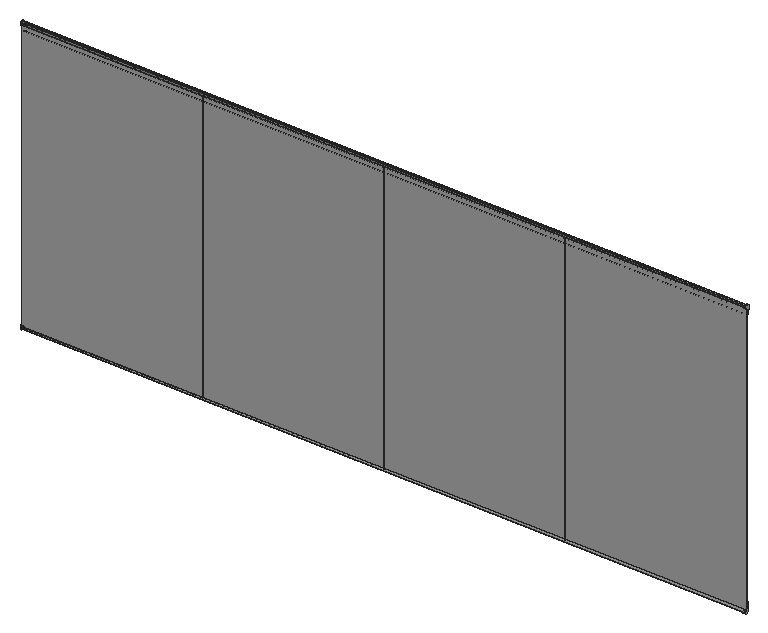
Revit family "Unity Glass Wall 6x16", category Generic Models, Revit 2018
Family settings
  Can host rebar = No
  Round Connector Dimension = Use Diameter
  Part Type = Normal
  Work Plane-Based = No
  Always vertical = Yes
  Cut with Voids When Loaded = No
  Shared = No
  Room Calculation Point = No
Parameters
  Panel #4 = Unity Glass Wall 6x16 Panel #4
  Panel #3 = Unity Glass Wall 6x16 Panel #3
  Panel #2 = Unity Glass Wall 6x16 Panel #2
  Panel #1 = Unity Glass Wall 6x16 Panel #1
Reference planes (in)
  plane 1 "Center (Front/Back)": y = 0
  plane 2: z = 0
  plane 3 "Center (Left/Right)": x = 0
Forms (in)
  Extrusion 1, solid, material "Unity Glass Wall Trim Metal"
    sketch origin (-94.48819, 0, 0.36763) x (0, 1, 0) y (0, 0, 1)
      loop
        line (0, 83.30899) -> (-0.645, 83.30899)
        arc (-0.645, 83.30899) -> (-0.70034, 83.28391) -> (-0.71795, 83.22577) r 0.07358
        arc (-0.71795, 83.22577) -> (-0.66251, 82.98163) -> (-0.5634, 82.75172) r 1.36464
        arc (-0.5634, 82.75172) -> (-0.54859, 82.73439) -> (-0.52802, 82.72453) r 0.05514
        line (-0.52802, 82.72453) -> (-0.48302, 82.72453) -> (-0.48302, 82.77531) -> (-0.51842, 82.77531)
        arc (-0.51842, 82.77531) -> (-0.6141, 82.99698) -> (-0.66761, 83.23242) r 1.31386
        arc (-0.66761, 83.23242) -> (-0.66215, 83.25044) -> (-0.645, 83.25821) r 0.0228
        line (-0.645, 83.25821) -> (-0.05078, 83.25821) -> (-0.05078, 82.12852) -> (-0.118, 82.19574) -> (-0.118, 82.45703) -> (-0.166, 82.45703) -> (-0.166, 82.19574)
        arc (-0.166, 82.19574) -> (-0.16235, 82.17737) -> (-0.15194, 82.1618) r 0.048
        line (-0.15194, 82.1618) -> (-0.1, 82.10985) -> (-0.1, 81.00078)
        arc (-0.1, 81.00078) -> (-0.05, 80.95078) -> (0, 81.00078) r 0.05
        line (0, 81.00078) -> (0, 83.30899)
    from 0.2 to 188.77638
  Extrusion 2, solid, material "Unity Glass Wall 6x16 Panel #1" <- "Panel #1"
    sketch origin (-94.48819, 0, 0.63581) x (0, 1, 0) y (0, 0, 1)
      loop
        line (-0.48802, 11.58341) -> (-0.28802, 11.58341) -> (-0.28802, 82.8216) -> (-0.48802, 82.8216) -> (-0.48802, 11.58341)
    from 0 to 47.24409
  Extrusion 3, solid, material "Unity Glass Wall Trim Metal"
    sketch origin (-47.24409, 0, 0.36763) x (0, 1, 0) y (0, 0, 1)
      loop
        line (0, 83.35978) -> (-0.645, 83.35978)
        arc (-0.645, 83.35978) -> (-0.73852, 83.31739) -> (-0.76829, 83.21911) r 0.12436
        arc (-0.76829, 83.21911) -> (-0.55414, 82.63679) -> (-0.11151, 82.20201) r 1.41542
        arc (-0.11151, 82.20201) -> (-0.09645, 82.19579) -> (-0.08019, 82.19478) r 0.04981
        line (-0.08019, 82.19478) -> (0, 82.19478) -> (0, 83.35978)
    from -47.24409 to -47.34409
  Extrusion 4, solid, material "Unity Glass Wall Trim Metal"
    sketch origin (-141.73228, 0, 0.36763) x (0, 1, 0) y (0, 0, -1)
      loop
        line (0, -83.35978) -> (0, -81.00078)
        arc (0, -81.00078) -> (-0.05, -80.95078) -> (-0.1, -81.00078) r 0.05
        line (-0.1, -81.00078) -> (-0.1, -82.10985) -> (-0.15194, -82.1618)
        arc (-0.15194, -82.1618) -> (-0.16235, -82.17737) -> (-0.166, -82.19574) r 0.048
        line (-0.166, -82.19574) -> (-0.166, -82.45703) -> (-0.118, -82.45703) -> (-0.118, -82.19574) -> (-0.048, -82.12574) -> (-0.048, -83.30899) -> (-0.645, -83.30899)
        arc (-0.645, -83.30899) -> (-0.70034, -83.28391) -> (-0.71795, -83.22577) r 0.07358
        arc (-0.71795, -83.22577) -> (-0.66202, -82.98012) -> (-0.56188, -82.74894) r 1.36464
        arc (-0.56188, -82.74894) -> (-0.5474, -82.73362) -> (-0.52802, -82.72531) r 0.05198
        line (-0.52802, -82.72531) -> (-0.48302, -82.72531) -> (-0.48302, -82.67453) -> (-0.5309, -82.67453)
        arc (-0.5309, -82.67453) -> (-0.56773, -82.68318) -> (-0.59684, -82.70734) r 0.08265
        arc (-0.59684, -82.70734) -> (-0.70718, -82.95498) -> (-0.76829, -83.21911) r 1.41542
        arc (-0.76829, -83.21911) -> (-0.73852, -83.31739) -> (-0.645, -83.35978) r 0.12436
        line (-0.645, -83.35978) -> (0, -83.35978)
    from -47.24409 to -47.44409
  Extrusion 5, solid, material "Unity Glass Wall Trim Metal"
    sketch origin (-94.48819, 0, 95.30899) x (0, 1, 0) y (0, 0, 1)
      loop
        line (0, -83.30899) -> (0, -81.00078)
        arc (0, -81.00078) -> (-0.05, -80.95078) -> (-0.1, -81.00078) r 0.05
        line (-0.1, -81.00078) -> (-0.1, -82.10985) -> (-0.15194, -82.1618)
        arc (-0.15194, -82.1618) -> (-0.16235, -82.17737) -> (-0.166, -82.19574) r 0.048
        line (-0.166, -82.19574) -> (-0.166, -82.45703) -> (-0.118, -82.45703) -> (-0.118, -82.19574) -> (-0.05078, -82.12852) -> (-0.05078, -83.25821) -> (-0.645, -83.25821)
        arc (-0.645, -83.25821) -> (-0.66215, -83.25044) -> (-0.66761, -83.23242) r 0.0228
        arc (-0.66761, -83.23242) -> (-0.6141, -82.99698) -> (-0.51842, -82.77531) r 1.31386
        line (-0.51842, -82.77531) -> (-0.48302, -82.77531) -> (-0.48302, -82.72453) -> (-0.52802, -82.72453)
        arc (-0.52802, -82.72453) -> (-0.54859, -82.73439) -> (-0.5634, -82.75172) r 0.05514
        arc (-0.5634, -82.75172) -> (-0.66251, -82.98163) -> (-0.71795, -83.22577) r 1.36464
        arc (-0.71795, -83.22577) -> (-0.70034, -83.28391) -> (-0.645, -83.30899) r 0.07358
        line (-0.645, -83.30899) -> (0, -83.30899)
    from 0.2 to 188.77638
  Extrusion 6, solid, material "Unity Glass Wall Trim Metal"
    sketch origin (-47.24409, 0, 95.30899) x (0, 1, 0) y (0, 0, 1)
      loop
        line (0, -83.35978) -> (0, -82.19478) -> (-0.08019, -82.19478)
        arc (-0.08019, -82.19478) -> (-0.09645, -82.19579) -> (-0.11151, -82.20201) r 0.04981
        arc (-0.11151, -82.20201) -> (-0.55414, -82.63679) -> (-0.76829, -83.21911) r 1.41542
        arc (-0.76829, -83.21911) -> (-0.73852, -83.31739) -> (-0.645, -83.35978) r 0.12436
        line (-0.645, -83.35978) -> (0, -83.35978)
    from -47.24409 to -47.34409
  Extrusion 7, solid, material "Unity Glass Wall Trim Metal"
    sketch origin (-141.73228, 0, 95.30899) x (0, 1, 0) y (0, 0, -1)
      loop
        line (0, 83.35978) -> (-0.645, 83.35978)
        arc (-0.645, 83.35978) -> (-0.73852, 83.31739) -> (-0.76829, 83.21911) r 0.12436
        arc (-0.76829, 83.21911) -> (-0.70718, 82.95498) -> (-0.59684, 82.70734) r 1.41542
        arc (-0.59684, 82.70734) -> (-0.56773, 82.68318) -> (-0.5309, 82.67453) r 0.08265
        line (-0.5309, 82.67453) -> (-0.48302, 82.67453) -> (-0.48302, 82.72531) -> (-0.52802, 82.72531)
        arc (-0.52802, 82.72531) -> (-0.5474, 82.73362) -> (-0.56188, 82.74894) r 0.05198
        arc (-0.56188, 82.74894) -> (-0.66202, 82.98012) -> (-0.71795, 83.22577) r 1.36464
        arc (-0.71795, 83.22577) -> (-0.70034, 83.28391) -> (-0.645, 83.30899) r 0.07358
        line (-0.645, 83.30899) -> (-0.048, 83.30899) -> (-0.048, 82.12574) -> (-0.118, 82.19574) -> (-0.118, 82.45703) -> (-0.166, 82.45703) -> (-0.166, 82.19574)
        arc (-0.166, 82.19574) -> (-0.16235, 82.17737) -> (-0.15194, 82.1618) r 0.048
        line (-0.15194, 82.1618) -> (-0.1, 82.10985) -> (-0.1, 81.00078)
        arc (-0.1, 81.00078) -> (-0.05, 80.95078) -> (0, 81.00078) r 0.05
        line (0, 81.00078) -> (0, 83.35978)
    from -47.24409 to -47.44409
  Extrusion 8, solid, material "Unity Glass Wall 6x16 Panel #2" <- "Panel #2"
    sketch origin (-47.24409, 0, 0.63581) x (0, 1, 0) y (0, 0, 1)
      loop
        line (-0.48802, 11.58341) -> (-0.28802, 11.58341) -> (-0.28802, 82.8216) -> (-0.48802, 82.8216) -> (-0.48802, 11.58341)
    from 0 to 47.24409
  Extrusion 9, solid, material "Unity Glass Wall Trim Metal"
    sketch origin (47.24409, 0, 0.36763) x (0, 1, 0) y (0, 0, -1)
      loop
        line (0, -83.35978) -> (0, -82.19478) -> (-0.08019, -82.19478)
        arc (-0.08019, -82.19478) -> (-0.09645, -82.19579) -> (-0.11151, -82.20201) r 0.04981
        arc (-0.11151, -82.20201) -> (-0.55414, -82.63679) -> (-0.76829, -83.21911) r 1.41542
        arc (-0.76829, -83.21911) -> (-0.73852, -83.31739) -> (-0.645, -83.35978) r 0.12436
        line (-0.645, -83.35978) -> (0, -83.35978)
    from -47.24409 to -47.34409
  Extrusion 10, solid, material "Unity Glass Wall Trim Metal"
    sketch origin (141.73228, 0, 0.36763) x (0, 1, 0) y (0, 0, 1)
      loop
        line (0, 83.35978) -> (-0.645, 83.35978)
        arc (-0.645, 83.35978) -> (-0.73852, 83.31739) -> (-0.76829, 83.21911) r 0.12436
        arc (-0.76829, 83.21911) -> (-0.70718, 82.95498) -> (-0.59684, 82.70734) r 1.41542
        arc (-0.59684, 82.70734) -> (-0.56773, 82.68318) -> (-0.5309, 82.67453) r 0.08265
        line (-0.5309, 82.67453) -> (-0.48302, 82.67453) -> (-0.48302, 82.72531) -> (-0.52802, 82.72531)
        arc (-0.52802, 82.72531) -> (-0.5474, 82.73362) -> (-0.56188, 82.74894) r 0.05198
        arc (-0.56188, 82.74894) -> (-0.66202, 82.98012) -> (-0.71795, 83.22577) r 1.36464
        arc (-0.71795, 83.22577) -> (-0.70034, 83.28391) -> (-0.645, 83.30899) r 0.07358
        line (-0.645, 83.30899) -> (-0.048, 83.30899) -> (-0.048, 82.12574) -> (-0.118, 82.19574) -> (-0.118, 82.45703) -> (-0.166, 82.45703) -> (-0.166, 82.19574)
        arc (-0.166, 82.19574) -> (-0.16235, 82.17737) -> (-0.15194, 82.1618) r 0.048
        line (-0.15194, 82.1618) -> (-0.1, 82.10985) -> (-0.1, 81.00078)
        arc (-0.1, 81.00078) -> (-0.05, 80.95078) -> (0, 81.00078) r 0.05
        line (0, 81.00078) -> (0, 83.35978)
    from -47.24409 to -47.44409
  Extrusion 11, solid, material "Unity Glass Wall Trim Metal"
    sketch origin (47.24409, 0, 95.30899) x (0, 1, 0) y (0, 0, -1)
      loop
        line (0, 83.35978) -> (-0.645, 83.35978)
        arc (-0.645, 83.35978) -> (-0.73852, 83.31739) -> (-0.76829, 83.21911) r 0.12436
        arc (-0.76829, 83.21911) -> (-0.55414, 82.63679) -> (-0.11151, 82.20201) r 1.41542
        arc (-0.11151, 82.20201) -> (-0.09645, 82.19579) -> (-0.08019, 82.19478) r 0.04981
        line (-0.08019, 82.19478) -> (0, 82.19478) -> (0, 83.35978)
    from -47.24409 to -47.34409
  Extrusion 12, solid, material "Unity Glass Wall Trim Metal"
    sketch origin (141.73228, 0, 95.30899) x (0, 1, 0) y (0, 0, 1)
      loop
        line (0, -83.35978) -> (0, -81.00078)
        arc (0, -81.00078) -> (-0.05, -80.95078) -> (-0.1, -81.00078) r 0.05
        line (-0.1, -81.00078) -> (-0.1, -82.10985) -> (-0.15194, -82.1618)
        arc (-0.15194, -82.1618) -> (-0.16235, -82.17737) -> (-0.166, -82.19574) r 0.048
        line (-0.166, -82.19574) -> (-0.166, -82.45703) -> (-0.118, -82.45703) -> (-0.118, -82.19574) -> (-0.048, -82.12574) -> (-0.048, -83.30899) -> (-0.645, -83.30899)
        arc (-0.645, -83.30899) -> (-0.70034, -83.28391) -> (-0.71795, -83.22577) r 0.07358
        arc (-0.71795, -83.22577) -> (-0.66202, -82.98012) -> (-0.56188, -82.74894) r 1.36464
        arc (-0.56188, -82.74894) -> (-0.5474, -82.73362) -> (-0.52802, -82.72531) r 0.05198
        line (-0.52802, -82.72531) -> (-0.48302, -82.72531) -> (-0.48302, -82.67453) -> (-0.5309, -82.67453)
        arc (-0.5309, -82.67453) -> (-0.56773, -82.68318) -> (-0.59684, -82.70734) r 0.08265
        arc (-0.59684, -82.70734) -> (-0.70718, -82.95498) -> (-0.76829, -83.21911) r 1.41542
        arc (-0.76829, -83.21911) -> (-0.73852, -83.31739) -> (-0.645, -83.35978) r 0.12436
        line (-0.645, -83.35978) -> (0, -83.35978)
    from -47.24409 to -47.44409
  Extrusion 13, solid, material "Unity Glass Wall 6x16 Panel #3" <- "Panel #3"
    sketch origin (47.24409, 0, 0.63581) x (0, 1, 0) y (0, 0, -1)
      loop
        line (-0.48802, -11.58341) -> (-0.48802, -82.8216) -> (-0.28802, -82.8216) -> (-0.28802, -11.58341) -> (-0.48802, -11.58341)
    from 0 to 47.24409
  Extrusion 14, solid, material "Unity Glass Wall 6x16 Panel #4" <- "Panel #4"
    sketch origin (94.48819, 0, 0.63581) x (0, 1, 0) y (0, 0, -1)
      loop
        line (-0.48802, -11.58341) -> (-0.48802, -82.8216) -> (-0.28802, -82.8216) -> (-0.28802, -11.58341) -> (-0.48802, -11.58341)
    from 0 to 47.24409
Dimensions and locks (in)
  aligned and locked: plane 2 to level
